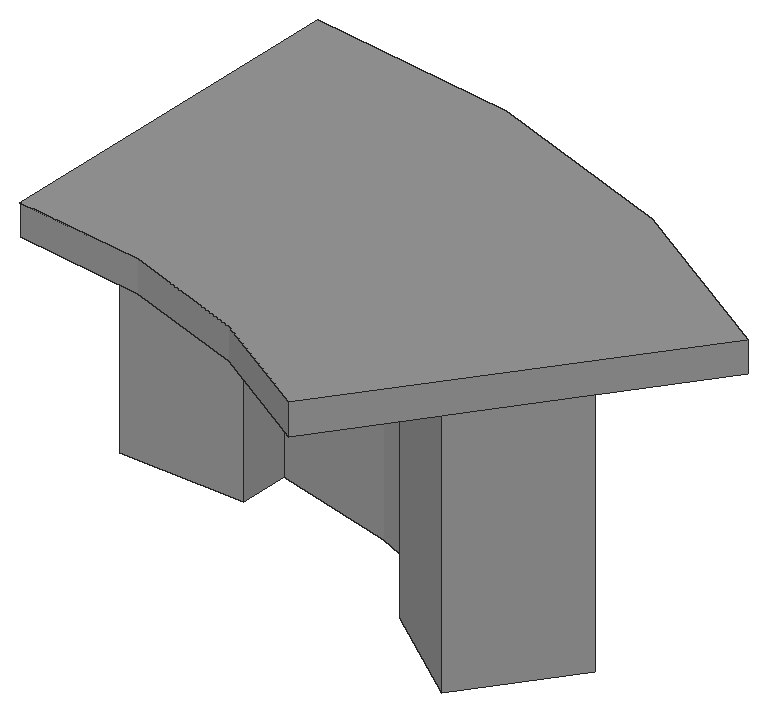
Revit family "17161 Скамейка стальная «Филигран Радиус» без спинки Хоббика", category Антураж, Revit 2018
Family settings
  На основе рабочей плоскости = Нет
  Всегда вертикально = Да
  При загрузке вырезать с полостями = Нет
  Источник визуального образа = Геометрия семейства
  Общий = Нет
  Точка расчета площади = Нет
Parameters (values of type "Скамейка стальная «Филигран Радиус» без спинки 1 м.п.")
  Ширина = 600 mm  # constant formula
  Цвет опоры = Сталь
  Цвет лавки = Дерево
  Радиус декора 2 = Радиус декора 1 + 5 mm  # 1302.5 mm
  Радиус декора 1 = Радиус вн. + 297.5 mm  # 1297.5 mm
  Радиус вн. = Радиус - Ширина  # 1000 mm
  Радиус = 1600 mm
  Опора = Радиус вн. + 200 mm  # 1200 mm
  Описание = "Скамейка стальная «Филигран Радиус» без спинки. 1 м.п."  # constant formula
  Материал изделия = "Сталь, дерево"  # constant formula
  Изображение типоразмера = Скамейка стальная «Филигран Радиус» без спинки Арт 17161.jpg
  Изготовитель = "ООО «Хоббика»"  # constant formula
  Длина = 1000 mm  # constant formula
  Группа модели = "Скамейки"  # constant formula
  Высота = 450 mm  # constant formula
  Артикул товара = "Арт. 17161"  # constant formula
  θ = (Длина * 180.00°) / (pi() * Радиус)  # 35.8099°
  URL = "https://hobbyka.ru/product/skameyka_filigran_radius/"
Reference planes
  plane 1 "По центру (Вперед/Назад)": y = 0
  plane 2: z = 0
  plane 3 "По центру (Влево/Вправо)": x = 0
Forms (mm)
  Extrusion 1, solid, material "Дерево" <- "Цвет лавки"
    sketch origin (0, 0, 0) x (1, 0, 0) y (0, 1, 0)
      loop
        line (0, 1600) -> (0, 1000)
        arc (0, 1000) -> (307.439, 951.568) -> (585.097, 810.963) r 1000
        line (585.097, 810.963) -> (936.156, 1297.541)
        arc (936.156, 1297.541) -> (491.902, 1522.509) -> (0, 1600) r 1600
    from 400 to 450
  Extrusion 2, solid, material "Сталь" <- "Цвет опоры"
    sketch origin (0, 0, 0) x (1, 0, 0) y (0, 1, 0)
      loop
        line (0, 1400) -> (0, 1200) -> (200, 1200) -> (200, 1400) -> (0, 1400)
    from 0 to 400
  Extrusion 3, solid, material "Сталь" <- "Цвет опоры"
    sketch origin (0, 0, 0) x (1, 0, 0) y (0, 1, 0)
      loop
        line (702.117, 973.156) -> (819.136, 1135.348) -> (656.944, 1252.368) -> (539.924, 1090.175) -> (702.117, 973.156)
    from 0 to 400
  Extrusion 4, solid, material "Сталь" <- "Цвет опоры"
    sketch origin (0, 0, 0) x (1, 0, 0) y (0, 1, 0)
      loop
        arc (590.859, 1160.772) -> (400.439, 1239.417) -> (200, 1287.053) r 1302.5
        line (200, 1287.053) -> (200, 1281.993)
        arc (200, 1281.993) -> (398.901, 1234.659) -> (587.898, 1156.669) r 1297.5
        line (587.898, 1156.669) -> (590.859, 1160.772)
    from 0 to 400
Lines and regions (mm)
  reference lines
    curve 1: line (0, 0, 0) -> (1521.253, 2108.504, 0)
    curve 2: arc (936.156, 1297.541, 0) -> (491.902, 1522.509, 0) -> (0, 1600, 0) r 1600
    curve 3: arc (585.097, 810.963, 0) -> (307.439, 951.568, 0) -> (0, 1000, 0) r 1000
Dimensions and locks
  locked: Extrusion 2 sketch curve to Extrusion 2 sketch curve at 200  (x2)
  "Опора": plane 1 "По центру (Вперед/Назад)" to Extrusion 2 sketch curve
  locked: Extrusion 3 sketch curve to Extrusion 3 sketch curve at 200  (x2)
  "Опора": curve 1 to Extrusion 3 sketch curve
  "Радиус": radius of curve 2
  "Радиус вн.": radius of curve 3
  "Радиус декора 1": radius of Extrusion 4 sketch curve
  "Радиус декора 2": radius of Extrusion 4 sketch curve
  "θ": angle curve 1 to plane 3 "По центру (Влево/Вправо)"
  "Длина": arc length of curve 2  (x2)
  locked: Extrusion 2 sketch curve to plane 3 "По центру (Влево/Вправо)" (angle 90.00°)
  locked: plane 3 "По центру (Влево/Вправо)" to Extrusion 2 sketch curve (angle 90.00°)
  locked: Extrusion 2 sketch curve to Extrusion 2 sketch curve (angle 90.00°)
  locked: Extrusion 3 sketch curve to Extrusion 3 sketch curve (angle 90.00°)  (x3)
  aligned and locked: level to plane 2
  aligned and locked: Extrusion 1 sketch curve to plane 3 "По центру (Влево/Вправо)"
  aligned and locked: curve 1 to Extrusion 1 sketch curve
  aligned and locked: Extrusion 1 sketch curve to curve 3
  aligned and locked: Extrusion 1 sketch curve to curve 2
  aligned and locked: curve 1 to Extrusion 3 sketch curve
  aligned and locked: Extrusion 2 to Extrusion 4 sketch curve
  aligned and locked: Extrusion 3 to Extrusion 4 sketch curve
  aligned and locked: Extrusion 4 to Extrusion 1
Automatic sketch dimensions
  curve 2 to curve 3 = 0 mm  (x2)
  curve 3 to plane 3 "По центру (Влево/Вправо)" = 0 mm
  plane 1 "По центру (Вперед/Назад)" to curve 1 = 0 mm
  curve 1 to plane 3 "По центру (Влево/Вправо)" = 0 mm
  plane 1 "По центру (Вперед/Назад)" to curve 3 = 0 mm
  Extrusion 2 sketch curve to plane 3 "По центру (Влево/Вправо)" = 0 mm
  Extrusion 4 sketch curve to Extrusion 4 sketch curve = 0 mm  (x2)
  plane 1 "По центру (Вперед/Назад)" to Extrusion 4 sketch curve = 0 mm
  Extrusion 4 sketch curve to plane 3 "По центру (Влево/Вправо)" = 0 mm
